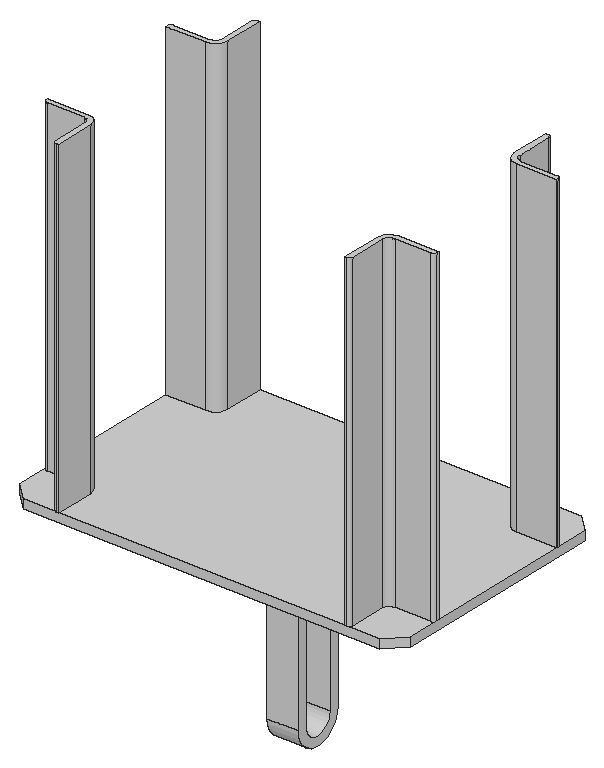
Revit family "EHL_ECO DOUBLE HEAD_2211450", category Generic Models, Revit 2018
Family settings
  Can host rebar = No
  Round Connector Dimension = Use Diameter
  Part Type = Normal
  OmniClass Number = 35.51.14.00
  OmniClass Title = FORMWORK
  Work Plane-Based = Yes
  Always vertical = No
  Cut with Voids When Loaded = No
  Shared = Yes
  Room Calculation Point = No
Parameters
  VERSION = "20170217"  # constant formula
  URL = "www.ulmaconstruction.com/en"
  UNICLASS = ""
  Manufacturer = "ULMA CONSTRUCTION"  # constant formula
  ITEM_CODE = "2211450"
  FILTER [instance] = ""
  Default Elevation = 0.000 mm
  CLASSIFICATION_TITLE = ""
  CLASSIFICATION_NUMBER = ""
Reference planes
  plane 1 "Centro (Frontal/Posterior)": y = 0
  plane 2: z = 0
  plane 3 "Centro (Izquierda/Derecha)": x = 0
Forms (mm)
  Extrusion 1, solid, material "ULMA ZINC"
    sketch origin (0, 0, 0) x (1, 0, 0) y (0, 1, 0)
      loop
        line (-102.5, 72.5) -> (-112.5, 62.5) -> (-112.5, -62.5) -> (-102.5, -72.5) -> (102.5, -72.5) -> (112.5, -62.5) -> (112.5, 62.5) -> (102.5, 72.5) -> (-102.5, 72.5)
    from 0 to 5
  Extrusion 2, solid, material "ULMA ZINC"
    sketch origin (0, 0, 0) x (1, 0, 0) y (0, 1, 0)
      loop
        line (-82.5, 72.5) -> (-83.5, 72.5)
        arc (-83.5, 72.5) -> (-84.914, 71.914) -> (-85.5, 70.5) r 2
        line (-85.5, 70.5) -> (-85.5, 49.5)
        arc (-85.5, 49.5) -> (-86.672, 46.672) -> (-89.5, 45.5) r 4
        line (-89.5, 45.5) -> (-110.5, 45.5)
        arc (-110.5, 45.5) -> (-111.914, 44.914) -> (-112.5, 43.5) r 2
        line (-112.5, 43.5) -> (-112.5, 42.5) -> (-89.5, 42.5)
        arc (-89.5, 42.5) -> (-84.55, 44.55) -> (-82.5, 49.5) r 7
        line (-82.5, 49.5) -> (-82.5, 72.5)
      loop
        line (82.5, 72.5) -> (82.5, 49.5)
        arc (82.5, 49.5) -> (84.55, 44.55) -> (89.5, 42.5) r 7
        line (89.5, 42.5) -> (112.5, 42.5) -> (112.5, 43.5)
        arc (112.5, 43.5) -> (111.914, 44.914) -> (110.5, 45.5) r 2
        line (110.5, 45.5) -> (89.5, 45.5)
        arc (89.5, 45.5) -> (86.672, 46.672) -> (85.5, 49.5) r 4
        line (85.5, 49.5) -> (85.5, 70.5)
        arc (85.5, 70.5) -> (84.914, 71.914) -> (83.5, 72.5) r 2
        line (83.5, 72.5) -> (82.5, 72.5)
      loop
        line (-82.5, -72.5) -> (-82.5, -49.5)
        arc (-82.5, -49.5) -> (-84.55, -44.55) -> (-89.5, -42.5) r 7
        line (-89.5, -42.5) -> (-112.5, -42.5) -> (-112.5, -43.5)
        arc (-112.5, -43.5) -> (-111.914, -44.914) -> (-110.5, -45.5) r 2
        line (-110.5, -45.5) -> (-89.5, -45.5)
        arc (-89.5, -45.5) -> (-86.672, -46.672) -> (-85.5, -49.5) r 4
        line (-85.5, -49.5) -> (-85.5, -70.5)
        arc (-85.5, -70.5) -> (-84.914, -71.914) -> (-83.5, -72.5) r 2
        line (-83.5, -72.5) -> (-82.5, -72.5)
      loop
        line (82.5, -72.5) -> (83.5, -72.5)
        arc (83.5, -72.5) -> (84.914, -71.914) -> (85.5, -70.5) r 2
        line (85.5, -70.5) -> (85.5, -49.5)
        arc (85.5, -49.5) -> (86.672, -46.672) -> (89.5, -45.5) r 4
        line (89.5, -45.5) -> (110.5, -45.5)
        arc (110.5, -45.5) -> (111.914, -44.914) -> (112.5, -43.5) r 2
        line (112.5, -43.5) -> (112.5, -42.5) -> (89.5, -42.5)
        arc (89.5, -42.5) -> (84.55, -44.55) -> (82.5, -49.5) r 7
        line (82.5, -49.5) -> (82.5, -72.5)
    from 5 to 195
  Extrusion 3, solid, material "ULMA ZINC", detail levels fine
    sketch origin (0, 0, 0) x (0, 1, 0) y (0, 0, 1)
      loop
        line (-9, -101) -> (-9, 0) -> (-14, 0) -> (-14, -101)
        arc (-14, -101) -> (0, -115) -> (14, -101) r 14
        line (14, -101) -> (14, 0) -> (9, 0) -> (9, -101)
        arc (9, -101) -> (0, -110) -> (-9, -101) r 9
    from -9 to 9
Lines and regions (mm)
  model lines, style "ULMA HEAD", detail levels fine
    curve 1: circle (-100.5, -45.5, 185) r 3 normal (0, -1, 0)
    curve 2: circle (100.5, -45.5, 185) r 3 normal (0, -1, 0)
    curve 3: circle (-100.5, -42.5, 185) r 3 normal (0, -1, 0)
    curve 4: circle (100.5, -42.5, 185) r 3 normal (0, -1, 0)
    curve 5: circle (-100.5, 42.5, 185) r 3 normal (0, -1, 0)
    curve 6: circle (100.5, 42.5, 185) r 3 normal (0, -1, 0)
    curve 7: circle (-100.5, 45.5, 185) r 3 normal (0, -1, 0)
    curve 8: circle (100.5, 45.5, 185) r 3 normal (0, -1, 0)
    curve 9: circle (85.5, -60.5, 185) r 3 normal (1, 0, 0)
    curve 10: circle (85.5, 60.5, 185) r 3 normal (1, 0, 0)
    curve 11: circle (82.5, -60.5, 185) r 3 normal (1, 0, 0)
    curve 12: circle (82.5, 60.5, 185) r 3 normal (1, 0, 0)
    curve 13: circle (-82.5, -60.5, 185) r 3 normal (1, 0, 0)
    curve 14: circle (-82.5, 60.5, 185) r 3 normal (1, 0, 0)
    curve 15: circle (-85.5, -60.5, 185) r 3 normal (1, 0, 0)
    curve 16: circle (-85.5, 60.5, 185) r 3 normal (1, 0, 0)
Dimensions and locks
  aligned and locked: level to plane 2
